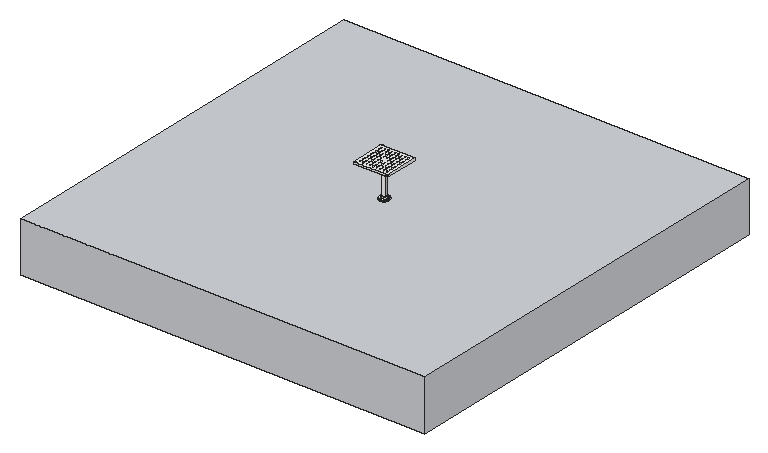
Revit family
Parameters (values of type "Metal-CP-Polished_Chrome")
  Width [instance] = 0' - 8"
  URL = "http://www.us.kohler.com"
  Showerhead Supply Pipe Radius = 0' 0 1/2"  # 1/2"
  Showerhead Supply Pipe Diameter = Showerhead Supply Pipe Radius * 2  # 1"
  Showerhead Supply = "Showerhead Supply"  # constant formula
  Product Page URL = "http://www.us.kohler.com/onlinecatalog/detail.jsp?prod_num=13695"
  Product Documentation Link = "http://www.us.kohler.com/onlinecatalog/pdf/1114436_4.pdf"
  Model = "K-13695"  # constant formula
  Manufacturer = "Kohler"  # constant formula
  Length [instance] = 0' - 8 5/16"
  Height [instance] = 0' - 8"
  Finish = Metal-Kohler-CP-Polished Chrome
  Description = "8in Contemporary square rainhead with Katalyst spray technology"  # constant formula
  Default Elevation = 0' - 0"
  Created By = "http://medialab3dstudio.com"
  Assembly Code = "C1030200"
Reference planes (in)
  plane 1 "Center (Front/Back)": y = 0
  plane 2 "Back": z = 0
  plane 3 "Center (Left/Right)": x = 0
  plane 4 "Left": x = -4
  plane 5 "Right": x = 4
  plane 6 "Top": y = 4
  plane 7 "Bottom": y = -4
  plane 8 "Front": z = 8.3125
Forms (in)
  Extrusion 1, solid
    sketch origin (0, 0, 0) x (1, 0, 0) y (0, 1, 0)
      loop
        line (-48, 48) -> (-48, -48) -> (48, -48) -> (48, 48) -> (-48, 48)
    from 0 to -12
  Extrusion 2, solid, material "Metal-Kohler-CP-Polished Chrome" <- "Finish", not visible
    sketch origin (0, 0, 0) x (1, 0, 0) y (0, 1, 0)
      loop
        circle (0, 0) r 0.5
    from 0 to 0.25922
Dimensions and locks (in)
  equal spacing: plane 4 "Left", plane 3 "Center (Left/Right)", plane 5 "Right", locked at 4 each
  "Width": plane 4 "Left" to plane 5 "Right"
  equal spacing: plane 6 "Top", plane 1 "Center (Front/Back)", plane 7 "Bottom", locked at 4 each
  "Height": plane 6 "Top" to plane 7 "Bottom"
  "Length": plane 8 "Front" to plane 2 "Back"
  "Showerhead Supply Pipe Radius": radius of Extrusion 2 sketch curve
  aligned and locked: plane 2 "Back" to Extrusion 1
  aligned and locked: level to Extrusion 1
Automatic sketch dimensions
  Extrusion 1 sketch curve to Extrusion 1 sketch curve = 8' - 0"  (x2)
  plane 1 "Center (Front/Back)" to Extrusion 2 sketch curve = 0' - 0"
  Extrusion 2 sketch curve to plane 3 "Center (Left/Right)" = 0' - 0"
Nested families (in)
  nested 1: "13695_Base" at (0, 0, 0), type "13695_Base"
Connectors (in)
  piping at (0, 0, 0), driven by "Showerhead Supply Pipe Radius", driven by "Showerhead Supply"
    settings: on Extrusion 2, index 1, connector radius 1/2", flow factor 0, pipe flow 2.5 GPM, pressure drop 0.00 psi, fitting loss kfactor 0, connector angle 0.00°, fixture units 0, flow configuration 0, flow direction 1, fitting loss method 0, system type 7, connector reference index -1, connector utility 0, adjustable connector yes, is connector primary yes, fitting loss table "", connector description "Showerhead Supply"
Definition of nested family "13695_Base"
  Parameters (values of type "13695_Base")
    Finish = Metal-Kohler-CP-Polished Chrome
    Assembly Code = ""
  Reference planes (in)
    plane 1 "Center (Top/Bottom)": y = 0
    plane 2 "Top": z = 0
    plane 3 "Center (Left/Right)": x = 0
    plane 4 "Left": x = -4
    plane 5 "Right": x = 4
    plane 6 "Front": y = 4
    plane 7 "Back": y = -4
    plane 8: y = 0
    plane 9 "Bottom": z = 8.306
    plane 10 "Center(Top/Bottom)": z = 4.153
  Forms (in)
    Revolve 1, solid, material "Metal-Kohler-CP-Polished Chrome" <- "Finish", detail levels fine
      sketch origin (0, 0, 5.50519) x (1, 0, 0) y (0, 0, 1)
        loop
          line (0, 0) -> (0, 2.27172) -> (-0.72114, 2.27172) -> (-0.72114, 1.68068) -> (-0.68962, 1.68068) -> (-0.68962, 1.20771) -> (-0.4459, 1.20771)
          arc (-0.4459, 1.20771) -> (-0.39583, 1.14106) -> (-0.33581, 1.08323) r 0.5226
          arc (-0.33581, 1.08323) -> (-0.31096, 1.01885) -> (-0.35341, 0.96445) r 0.06999
          arc (-0.35341, 0.96445) -> (-0.45666, 0.87969) -> (-0.49544, 0.75186) r 0.23011
          line (-0.49544, 0.75186) -> (-0.49544, 0.02386)
          arc (-0.49544, 0.02386) -> (-0.49099, 0.00726) -> (-0.47541, 0) r 0.02033
          line (-0.47541, 0) -> (0, 0)
        axis (0, 2.27172) -> (0, 0)
      angle from 0 to 360
    Sweep 2, solid, material "Metal-Kohler-CP-Polished Chrome" <- "Finish", detail levels fine
      path origin (0, 0, 0) x (1, 0, 0) y (0, 1, 0)
        loop
          line (-4, -4) -> (4, -4) -> (4, 4) -> (-4, 4) -> (-4, -4)
      profile origin (-4, 0, 0) x (-1, 0, 0) y (0, 0, 1)
        loop
          line (0, 7.77691) -> (0, 8.2199)
          arc (0, 8.2199) -> (-0.0088, 8.24113) -> (-0.03003, 8.24993) r 0.03003
          line (-0.03003, 8.24993) -> (-0.08103, 8.24993) -> (-0.08103, 7.77691) -> (0, 7.77691)
    Extrusion 3, solid, material "Metal-Kohler-CP-Polished Chrome" <- "Finish", detail levels fine
      sketch origin (0, 0, 0) x (1, 0, 0) y (0, 1, 0)
        loop
          line (-3.91897, 3.91897) -> (-3.91897, -3.91897) -> (3.91897, -3.91897) -> (3.91897, 3.91897) -> (-3.91897, 3.91897)
      from 7.77691 to 8.24993
    Extrusion 4, solid, material "Metal-Kohler-CP-Polished Chrome" <- "Finish", detail levels fine
      sketch origin (0, 0, 0) x (1, 0, 0) y (0, 1, 0)
        loop
          circle (-3.19997, 0) r 0.05856
        loop
          circle (-3.19997, -0.8) r 0.05856
        loop
          circle (-3.19997, -1.6) r 0.05856
        loop
          circle (-3.19997, -2.4) r 0.05856
        loop
          circle (-3.19997, -3.2) r 0.05856
        loop
          circle (-3.19997, 0.8) r 0.05856
        loop
          circle (-3.19997, 1.6) r 0.05856
        loop
          circle (-3.19997, 2.4) r 0.05856
        loop
          circle (-3.19997, 3.2) r 0.05856
        loop
          circle (-2.4, 0) r 0.05856
        loop
          circle (-2.4, -0.8) r 0.05856
        loop
          circle (-2.4, -1.6) r 0.05856
        loop
          circle (-2.4, -2.4) r 0.05856
        loop
          circle (-2.4, -3.2) r 0.05856
        loop
          circle (-2.4, 0.8) r 0.05856
        loop
          circle (-2.4, 1.6) r 0.05856
        loop
          circle (-2.4, 2.4) r 0.05856
        loop
          circle (-2.4, 3.2) r 0.05856
        loop
          circle (-1.6, 0) r 0.05856
        loop
          circle (-1.6, -0.8) r 0.05856
        loop
          circle (-1.6, -1.6) r 0.05856
        loop
          circle (-1.6, -2.4) r 0.05856
        loop
          circle (-1.6, -3.2) r 0.05856
        loop
          circle (-1.6, 0.8) r 0.05856
        loop
          circle (-1.6, 1.6) r 0.05856
        loop
          circle (-1.6, 2.4) r 0.05856
        loop
          circle (-1.6, 3.2) r 0.05856
        loop
          circle (-0.8, 0) r 0.05856
        loop
          circle (-0.8, -0.8) r 0.05856
        loop
          circle (-0.8, -1.6) r 0.05856
        loop
          circle (-0.8, -2.4) r 0.05856
        loop
          circle (-0.8, -3.2) r 0.05856
        loop
          circle (-0.8, 0.8) r 0.05856
        loop
          circle (-0.8, 1.6) r 0.05856
        loop
          circle (-0.8, 2.4) r 0.05856
        loop
          circle (-0.8, 3.2) r 0.05856
        loop
          circle (0, -0.8) r 0.05856
        loop
          circle (0, -1.6) r 0.05856
        loop
          circle (0, -2.4) r 0.05856
        loop
          circle (0, -3.2) r 0.05856
        loop
          circle (0, 0.8) r 0.05856
        loop
          circle (0, 1.6) r 0.05856
        loop
          circle (0, 2.4) r 0.05856
        loop
          circle (0, 3.2) r 0.05856
        loop
          circle (0.8, 0) r 0.05856
        loop
          circle (0.8, -0.8) r 0.05856
        loop
          circle (0.8, -1.6) r 0.05856
        loop
          circle (0.8, -2.4) r 0.05856
        loop
          circle (0.8, -3.2) r 0.05856
        loop
          circle (0.8, 0.8) r 0.05856
        loop
          circle (0.8, 1.6) r 0.05856
        loop
          circle (0.8, 2.4) r 0.05856
        loop
          circle (0.8, 3.2) r 0.05856
        loop
          circle (1.6, 0) r 0.05856
        loop
          circle (1.6, -0.8) r 0.05856
        loop
          circle (1.6, -1.6) r 0.05856
        loop
          circle (1.6, -2.4) r 0.05856
        loop
          circle (1.6, -3.2) r 0.05856
        loop
          circle (1.6, 0.8) r 0.05856
        loop
          circle (1.6, 1.6) r 0.05856
        loop
          circle (1.6, 2.4) r 0.05856
        loop
          circle (1.6, 3.2) r 0.05856
        loop
          circle (2.4, 0) r 0.05856
        loop
          circle (2.4, -0.8) r 0.05856
        loop
          circle (2.4, -1.6) r 0.05856
        loop
          circle (2.4, -2.4) r 0.05856
        loop
          circle (2.4, -3.2) r 0.05856
        loop
          circle (2.4, 0.8) r 0.05856
        loop
          circle (2.4, 1.6) r 0.05856
        loop
          circle (2.4, 2.4) r 0.05856
        loop
          circle (2.4, 3.2) r 0.05856
        loop
          circle (3.2, 0) r 0.05856
        loop
          circle (3.2, -0.8) r 0.05856
        loop
          circle (3.2, -1.6) r 0.05856
        loop
          circle (3.2, -2.4) r 0.05856
        loop
          circle (3.2, -3.2) r 0.05856
        loop
          circle (3.2, 0.8) r 0.05856
        loop
          circle (3.2, 1.6) r 0.05856
        loop
          circle (3.2, 2.4) r 0.05856
        loop
          circle (3.2, 3.2) r 0.05856
      from 8.16249 to 8.306
    Extrusion 5, solid, material "Metal-Kohler-CP-Polished Chrome" <- "Finish", detail levels coarse+medium
      sketch origin (0, 0, 2.75) x (-1, 0, 0) y (0, -1, 0)
        loop
          line (4, -4) -> (4, 4) -> (-4, 4) -> (-4, -4) -> (4, -4)
      from -2.75 to 5.556
    Revolve 6, solid, material "Metal-Kohler-CP-Polished Chrome" <- "Finish", detail levels fine
      sketch origin (0, 0, 0) x (1, 0, 0) y (0, 0, 1)
        loop
          line (-1.07002, 0) -> (0, 0) -> (0, 5.50517) -> (-0.40625, 5.50517) -> (-0.40625, 0.69061) -> (-0.5486, 0.69061)
          arc (-0.5486, 0.69061) -> (-0.5877, 0.67659) -> (-0.60898, 0.64092) r 0.06152
          line (-0.60898, 0.64092) -> (-0.61631, 0.34093)
          arc (-0.61631, 0.34093) -> (-0.63025, 0.31716) -> (-0.65074, 0.29873) r 0.09
          line (-0.65074, 0.29873) -> (-1.09561, 0.16376)
          arc (-1.09561, 0.16376) -> (-1.11148, 0.15227) -> (-1.11924, 0.13428) r 0.03694
          line (-1.11924, 0.13428) -> (-1.11683, 0.02813)
          arc (-1.11683, 0.02813) -> (-1.09805, 0.00636) -> (-1.07002, 0) r 0.04598
        axis (0, 5.50517) -> (0, 0)
      angle from 0 to 360
    Extrusion 7, void
      sketch origin (0, 0, 0) x (1, 0, 0) y (0, 1, 0)
        loop
          circle (0, 0) r 0.5
      from 0 to 0.16376
  Cuts and joins
    Extrusion 7 cuts Revolve 6
    joined: Sweep 2, Extrusion 3, Extrusion 4, Revolve 6
  Lines and regions (in)
    Masking region 1
      outline origin (0, 0, 4.153) x (-1, 0, 0) y (0, -1, 0)
        loop
          line (4, -4) -> (4, 4) -> (-4, 4) -> (-4, -4) -> (4, -4)
    Masking region 2, detail levels coarse
      outline origin (0, 0, 0) x (1, 0, 0) y (0, 0, 1)
        loop
          line (-4, 8.24982) -> (-4, 0) -> (4, 0) -> (4, 8.24982) -> (-4, 8.24982)
    Masking region 3, detail levels medium+fine
      outline origin (0, 0, 5.505) x (1, 0, 0) y (0, 0, 1)
        loop
          line (-3.99997, 2.27172) -> (-0.72114, 2.27172) -> (-0.72114, 1.68068) -> (-0.68962, 1.68068) -> (-0.68962, 1.20771) -> (-0.4459, 1.20771)
          arc (-0.4459, 1.20771) -> (-0.3957, 1.14126) -> (-0.33586, 1.08333) r 0.53922
          arc (-0.33586, 1.08333) -> (-0.31122, 1.01895) -> (-0.35357, 0.96455) r 0.07017
          arc (-0.35357, 0.96455) -> (-0.45665, 0.87963) -> (-0.49552, 0.75186) r 0.23106
          line (-0.49552, 0.75186) -> (-0.49552, 0.02386)
          arc (-0.49552, 0.02386) -> (-0.48986, 0.0083) -> (-0.47552, 0) r 0.02423
          line (-0.47552, 0) -> (-0.40625, 0) -> (-0.40625, -4.815) -> (-0.53998, -4.815)
          arc (-0.53998, -4.815) -> (-0.58443, -4.82556) -> (-0.60898, -4.86408) r 0.0608
          line (-0.60898, -4.86408) -> (-0.61631, -5.16407)
          arc (-0.61631, -5.16407) -> (-0.63034, -5.18776) -> (-0.65074, -5.20627) r 0.09237
          line (-0.65074, -5.20627) -> (-1.09561, -5.34124)
          arc (-1.09561, -5.34124) -> (-1.11198, -5.35232) -> (-1.11924, -5.37072) r 0.03343
          line (-1.11924, -5.37072) -> (-1.11683, -5.47687)
          arc (-1.11683, -5.47687) -> (-1.10045, -5.49756) -> (-1.07513, -5.505) r 0.04355
          line (-1.07513, -5.505) -> (1.07513, -5.505)
          arc (1.07513, -5.505) -> (1.10045, -5.49756) -> (1.11683, -5.47687) r 0.04355
          line (1.11683, -5.47687) -> (1.11924, -5.37072)
          arc (1.11924, -5.37072) -> (1.11198, -5.35232) -> (1.09561, -5.34124) r 0.03343
          line (1.09561, -5.34124) -> (0.65074, -5.20627)
          arc (0.65074, -5.20627) -> (0.63034, -5.18776) -> (0.61631, -5.16407) r 0.09237
          line (0.61631, -5.16407) -> (0.60898, -4.86408)
          arc (0.60898, -4.86408) -> (0.58443, -4.82556) -> (0.53998, -4.815) r 0.0608
          line (0.53998, -4.815) -> (0.40625, -4.815) -> (0.40625, 0) -> (0.47552, 0)
          arc (0.47552, 0) -> (0.48986, 0.0083) -> (0.49552, 0.02386) r 0.02423
          line (0.49552, 0.02386) -> (0.49552, 0.75186)
          arc (0.49552, 0.75186) -> (0.45665, 0.87963) -> (0.35357, 0.96455) r 0.23106
          arc (0.35357, 0.96455) -> (0.31122, 1.01895) -> (0.33586, 1.08333) r 0.07017
          arc (0.33586, 1.08333) -> (0.3957, 1.14126) -> (0.4459, 1.20771) r 0.53922
          line (0.4459, 1.20771) -> (0.68962, 1.20771) -> (0.68962, 1.68068) -> (0.72114, 1.68068) -> (0.72114, 2.27172) -> (4, 2.27172) -> (3.99997, 2.71477)
          arc (3.99997, 2.71477) -> (3.99117, 2.73602) -> (3.96992, 2.74482) r 0.03005
          line (3.96992, 2.74482) -> (-3.96986, 2.74482)
          arc (-3.96986, 2.74482) -> (-3.99115, 2.736) -> (-3.99997, 2.71471) r 0.03011
          line (-3.99997, 2.71471) -> (-3.99997, 2.27172)
    Masking region 4, detail levels medium+fine
      outline origin (0, 0, 5.5053) x (0, 1, 0) y (0, 0, 1)
        loop
          arc (0.47558, 0) -> (0.49052, 0.00776) -> (0.49557, 0.02383) r 0.02195
          line (0.49557, 0.02383) -> (0.49557, 0.75186)
          arc (0.49557, 0.75186) -> (0.45681, 0.87973) -> (0.35357, 0.96455) r 0.23029
          arc (0.35357, 0.96455) -> (0.31116, 1.01888) -> (0.33586, 1.08323) r 0.07001
          arc (0.33586, 1.08323) -> (0.3958, 1.14114) -> (0.44595, 1.20771) r 0.5314
          line (0.44595, 1.20771) -> (0.68962, 1.20771) -> (0.68962, 1.68068) -> (0.72066, 1.68068) -> (0.72066, 2.27172) -> (4, 2.27172) -> (4, 2.71471)
          arc (4, 2.71471) -> (3.99124, 2.73587) -> (3.97008, 2.74463) r 0.02992
          line (3.97008, 2.74463) -> (-3.97008, 2.74463)
          arc (-3.97008, 2.74463) -> (-3.99129, 2.73581) -> (-4, 2.71455) r 0.02992
          line (-4, 2.71455) -> (-4, 2.27172) -> (-0.7206, 2.27172) -> (-0.7206, 1.68068) -> (-0.68956, 1.68068) -> (-0.68956, 1.20771) -> (-0.4459, 1.20771)
          arc (-0.4459, 1.20771) -> (-0.39575, 1.14114) -> (-0.33581, 1.08323) r 0.5314
          arc (-0.33581, 1.08323) -> (-0.31111, 1.01888) -> (-0.35351, 0.96455) r 0.07001
          arc (-0.35351, 0.96455) -> (-0.45675, 0.87973) -> (-0.49552, 0.75186) r 0.23029
          line (-0.49552, 0.75186) -> (-0.49552, 0.02383)
          arc (-0.49552, 0.02383) -> (-0.49047, 0.00776) -> (-0.47552, 0) r 0.02195
          line (-0.47552, 0) -> (-0.40627, 0) -> (-0.40627, -4.8153) -> (-0.53998, -4.8153)
          arc (-0.53998, -4.8153) -> (-0.58438, -4.82592) -> (-0.60898, -4.86438) r 0.061
          line (-0.60898, -4.86438) -> (-0.61631, -5.16437)
          arc (-0.61631, -5.16437) -> (-0.62999, -5.18835) -> (-0.65074, -5.20657) r 0.0836
          line (-0.65074, -5.20657) -> (-1.09521, -5.34146)
          arc (-1.09521, -5.34146) -> (-1.11167, -5.35254) -> (-1.11908, -5.37094) r 0.03382
          line (-1.11908, -5.37094) -> (-1.11681, -5.47725)
          arc (-1.11681, -5.47725) -> (-1.09965, -5.49811) -> (-1.07362, -5.5053) r 0.04477
          line (-1.07362, -5.5053) -> (1.07362, -5.5053)
          arc (1.07362, -5.5053) -> (1.09965, -5.49811) -> (1.11681, -5.47725) r 0.04477
          line (1.11681, -5.47725) -> (1.11908, -5.37094)
          arc (1.11908, -5.37094) -> (1.11167, -5.35254) -> (1.09521, -5.34146) r 0.03382
          line (1.09521, -5.34146) -> (0.65074, -5.20657)
          arc (0.65074, -5.20657) -> (0.62999, -5.18835) -> (0.61631, -5.16437) r 0.0836
          line (0.61631, -5.16437) -> (0.60898, -4.86438)
          arc (0.60898, -4.86438) -> (0.58676, -4.8277) -> (0.54589, -4.8147) r 0.061
          line (0.54589, -4.8147) -> (0.40627, -4.8147) -> (0.40627, 0) -> (0.47558, 0)
    Masking region 5, detail levels coarse
      outline origin (0, 0, 0) x (0, 1, 0) y (0, 0, 1)
        loop
          line (4, 8.306) -> (-4, 8.306) -> (-4, 0) -> (4, 0) -> (4, 8.306)
    symbolic lines, style "Masking Lines", detail levels fine
      curve 1: arc (0.4459, 0, 0) -> (0, 0.4459, 0) -> (-0.4459, 0, 0) r 0.4459
      curve 2: arc (-0.4459, 0, 0) -> (0, -0.4459, 0) -> (0.4459, 0, 0) r 0.4459
      curve 3: arc (-3.25853, -3.2, 8.306) -> (-3.19997, -3.25856, 8.306) -> (-3.14142, -3.2, 8.306) r 0.05856
      curve 4: arc (-3.14142, -2.4, 8.306) -> (-3.19997, -2.45856, 8.306) -> (-3.25853, -2.4, 8.306) r 0.05856
      curve 5: arc (-3.25853, -2.4, 8.306) -> (-3.19997, -2.34144, 8.306) -> (-3.14142, -2.4, 8.306) r 0.05856
      curve 6: arc (-3.25853, -1.6, 8.306) -> (-3.19997, -1.65856, 8.306) -> (-3.14142, -1.6, 8.306) r 0.05856
      curve 7: arc (-3.14142, -1.6, 8.306) -> (-3.19997, -1.54144, 8.306) -> (-3.25853, -1.6, 8.306) r 0.05856
      curve 8: arc (-3.25853, -0.8, 8.306) -> (-3.19997, -0.85856, 8.306) -> (-3.14142, -0.8, 8.306) r 0.05856
      curve 9: arc (-3.14142, -0.8, 8.306) -> (-3.19997, -0.74144, 8.306) -> (-3.25853, -0.8, 8.306) r 0.05856
      curve 10: arc (-3.25853, 0, 8.306) -> (-3.19997, -0.05856, 8.306) -> (-3.14142, 0, 8.306) r 0.05856
      curve 11: arc (-3.14142, 0, 8.306) -> (-3.19997, 0.05856, 8.306) -> (-3.25853, 0, 8.306) r 0.05856
      curve 12: arc (-3.25853, 0.8, 8.306) -> (-3.19997, 0.74144, 8.306) -> (-3.14142, 0.8, 8.306) r 0.05856
      curve 13: arc (-3.14142, 0.8, 8.306) -> (-3.19997, 0.85856, 8.306) -> (-3.25853, 0.8, 8.306) r 0.05856
      curve 14: arc (-3.25853, 1.6, 8.306) -> (-3.19997, 1.54144, 8.306) -> (-3.14142, 1.6, 8.306) r 0.05856
      curve 15: arc (-3.14142, 1.6, 8.306) -> (-3.19997, 1.65856, 8.306) -> (-3.25853, 1.6, 8.306) r 0.05856
      curve 16: arc (-3.25853, 2.4, 8.306) -> (-3.19997, 2.34144, 8.306) -> (-3.14142, 2.4, 8.306) r 0.05856
      curve 17: arc (-3.14142, 2.4, 8.306) -> (-3.19997, 2.45856, 8.306) -> (-3.25853, 2.4, 8.306) r 0.05856
      curve 18: arc (-3.25853, 3.2, 8.306) -> (-3.19997, 3.14144, 8.306) -> (-3.14142, 3.2, 8.306) r 0.05856
      curve 19: arc (-3.14142, 3.2, 8.306) -> (-3.19997, 3.25856, 8.306) -> (-3.25853, 3.2, 8.306) r 0.05856
      curve 20: arc (-2.45856, -3.2, 8.306) -> (-2.4, -3.25856, 8.306) -> (-2.34144, -3.2, 8.306) r 0.05856
      curve 21: arc (-2.34144, -2.4, 8.306) -> (-2.4, -2.45856, 8.306) -> (-2.45856, -2.4, 8.306) r 0.05856
      curve 22: arc (-2.45856, -2.4, 8.306) -> (-2.4, -2.34144, 8.306) -> (-2.34144, -2.4, 8.306) r 0.05856
      curve 23: arc (-2.45856, -1.6, 8.306) -> (-2.4, -1.65856, 8.306) -> (-2.34144, -1.6, 8.306) r 0.05856
      curve 24: arc (-2.34144, -1.6, 8.306) -> (-2.4, -1.54144, 8.306) -> (-2.45856, -1.6, 8.306) r 0.05856
      curve 25: arc (-2.45856, -0.8, 8.306) -> (-2.4, -0.85856, 8.306) -> (-2.34144, -0.8, 8.306) r 0.05856
      curve 26: arc (-2.34144, -0.8, 8.306) -> (-2.4, -0.74144, 8.306) -> (-2.45856, -0.8, 8.306) r 0.05856
      curve 27: arc (-2.45856, 0, 8.306) -> (-2.4, -0.05856, 8.306) -> (-2.34144, 0, 8.306) r 0.05856
      curve 28: arc (-2.34144, 0, 8.306) -> (-2.4, 0.05856, 8.306) -> (-2.45856, 0, 8.306) r 0.05856
      curve 29: arc (-2.45856, 0.8, 8.306) -> (-2.4, 0.74144, 8.306) -> (-2.34144, 0.8, 8.306) r 0.05856
      curve 30: arc (-2.34144, 0.8, 8.306) -> (-2.4, 0.85856, 8.306) -> (-2.45856, 0.8, 8.306) r 0.05856
      curve 31: arc (-2.45856, 1.6, 8.306) -> (-2.4, 1.54144, 8.306) -> (-2.34144, 1.6, 8.306) r 0.05856
      curve 32: arc (-2.34144, 1.6, 8.306) -> (-2.4, 1.65856, 8.306) -> (-2.45856, 1.6, 8.306) r 0.05856
      curve 33: arc (-2.45856, 2.4, 8.306) -> (-2.4, 2.34144, 8.306) -> (-2.34144, 2.4, 8.306) r 0.05856
      curve 34: arc (-2.34144, 2.4, 8.306) -> (-2.4, 2.45856, 8.306) -> (-2.45856, 2.4, 8.306) r 0.05856
      curve 35: arc (-2.45856, 3.2, 8.306) -> (-2.4, 3.14144, 8.306) -> (-2.34144, 3.2, 8.306) r 0.05856
      curve 36: arc (-2.34144, 3.2, 8.306) -> (-2.4, 3.25856, 8.306) -> (-2.45856, 3.2, 8.306) r 0.05856
      curve 37: arc (-1.65856, -3.2, 8.306) -> (-1.6, -3.25856, 8.306) -> (-1.54144, -3.2, 8.306) r 0.05856
      curve 38: arc (-1.54144, -2.4, 8.306) -> (-1.6, -2.45856, 8.306) -> (-1.65856, -2.4, 8.306) r 0.05856
      curve 39: arc (-1.65856, -2.4, 8.306) -> (-1.6, -2.34144, 8.306) -> (-1.54144, -2.4, 8.306) r 0.05856
      curve 40: arc (-1.65856, -1.6, 8.306) -> (-1.6, -1.65856, 8.306) -> (-1.54144, -1.6, 8.306) r 0.05856
      curve 41: arc (-1.54144, -1.6, 8.306) -> (-1.6, -1.54144, 8.306) -> (-1.65856, -1.6, 8.306) r 0.05856
      curve 42: arc (-1.65856, -0.8, 8.306) -> (-1.6, -0.85856, 8.306) -> (-1.54144, -0.8, 8.306) r 0.05856
      curve 43: arc (-1.54144, -0.8, 8.306) -> (-1.6, -0.74144, 8.306) -> (-1.65856, -0.8, 8.306) r 0.05856
      curve 44: arc (-1.65856, 0, 8.306) -> (-1.6, -0.05856, 8.306) -> (-1.54144, 0, 8.306) r 0.05856
      curve 45: arc (-1.54144, 0, 8.306) -> (-1.6, 0.05856, 8.306) -> (-1.65856, 0, 8.306) r 0.05856
      curve 46: arc (-1.65856, 0.8, 8.306) -> (-1.6, 0.74144, 8.306) -> (-1.54144, 0.8, 8.306) r 0.05856
      curve 47: arc (-1.54144, 0.8, 8.306) -> (-1.6, 0.85856, 8.306) -> (-1.65856, 0.8, 8.306) r 0.05856
      curve 48: arc (-1.65856, 1.6, 8.306) -> (-1.6, 1.54144, 8.306) -> (-1.54144, 1.6, 8.306) r 0.05856
      curve 49: arc (-1.54144, 1.6, 8.306) -> (-1.6, 1.65856, 8.306) -> (-1.65856, 1.6, 8.306) r 0.05856
      curve 50: arc (-1.65856, 2.4, 8.306) -> (-1.6, 2.34144, 8.306) -> (-1.54144, 2.4, 8.306) r 0.05856
      curve 51: arc (-1.54144, 2.4, 8.306) -> (-1.6, 2.45856, 8.306) -> (-1.65856, 2.4, 8.306) r 0.05856
      curve 52: arc (-1.65856, 3.2, 8.306) -> (-1.6, 3.14144, 8.306) -> (-1.54144, 3.2, 8.306) r 0.05856
      curve 53: arc (-1.54144, 3.2, 8.306) -> (-1.6, 3.25856, 8.306) -> (-1.65856, 3.2, 8.306) r 0.05856
      curve 54: arc (-0.85856, -3.2, 8.306) -> (-0.8, -3.25856, 8.306) -> (-0.74144, -3.2, 8.306) r 0.05856
      curve 55: arc (-0.74144, -2.4, 8.306) -> (-0.8, -2.45856, 8.306) -> (-0.85856, -2.4, 8.306) r 0.05856
      curve 56: arc (-0.85856, -2.4, 8.306) -> (-0.8, -2.34144, 8.306) -> (-0.74144, -2.4, 8.306) r 0.05856
      curve 57: arc (-0.85856, -1.6, 8.306) -> (-0.8, -1.65856, 8.306) -> (-0.74144, -1.6, 8.306) r 0.05856
      curve 58: arc (-0.74144, -1.6, 8.306) -> (-0.8, -1.54144, 8.306) -> (-0.85856, -1.6, 8.306) r 0.05856
      curve 59: arc (-0.85856, -0.8, 8.306) -> (-0.8, -0.85856, 8.306) -> (-0.74144, -0.8, 8.306) r 0.05856
      curve 60: arc (-0.74144, -0.8, 8.306) -> (-0.8, -0.74144, 8.306) -> (-0.85856, -0.8, 8.306) r 0.05856
      curve 61: arc (-0.85856, 0, 8.306) -> (-0.8, -0.05856, 8.306) -> (-0.74144, 0, 8.306) r 0.05856
      curve 62: arc (-0.74144, 0, 8.306) -> (-0.8, 0.05856, 8.306) -> (-0.85856, 0, 8.306) r 0.05856
      curve 63: arc (-0.85856, 0.8, 8.306) -> (-0.8, 0.74144, 8.306) -> (-0.74144, 0.8, 8.306) r 0.05856
      curve 64: arc (-0.74144, 0.8, 8.306) -> (-0.8, 0.85856, 8.306) -> (-0.85856, 0.8, 8.306) r 0.05856
      curve 65: arc (-0.85856, 1.6, 8.306) -> (-0.8, 1.54144, 8.306) -> (-0.74144, 1.6, 8.306) r 0.05856
      curve 66: arc (-0.74144, 1.6, 8.306) -> (-0.8, 1.65856, 8.306) -> (-0.85856, 1.6, 8.306) r 0.05856
      curve 67: arc (-0.85856, 2.4, 8.306) -> (-0.8, 2.34144, 8.306) -> (-0.74144, 2.4, 8.306) r 0.05856
      curve 68: arc (-0.74144, 2.4, 8.306) -> (-0.8, 2.45856, 8.306) -> (-0.85856, 2.4, 8.306) r 0.05856
      curve 69: arc (-0.85856, 3.2, 8.306) -> (-0.8, 3.14144, 8.306) -> (-0.74144, 3.2, 8.306) r 0.05856
      curve 70: arc (-0.74144, 3.2, 8.306) -> (-0.8, 3.25856, 8.306) -> (-0.85856, 3.2, 8.306) r 0.05856
      curve 71: arc (-0.05856, -3.2, 8.306) -> (0, -3.25856, 8.306) -> (0.05856, -3.2, 8.306) r 0.05856
      curve 72: arc (0.05856, -2.4, 8.306) -> (0, -2.45856, 8.306) -> (-0.05856, -2.4, 8.306) r 0.05856
      curve 73: arc (-0.05856, -2.4, 8.306) -> (0, -2.34144, 8.306) -> (0.05856, -2.4, 8.306) r 0.05856
      curve 74: arc (-0.05856, -1.6, 8.306) -> (0, -1.65856, 8.306) -> (0.05856, -1.6, 8.306) r 0.05856
      curve 75: arc (0.05856, -1.6, 8.306) -> (0, -1.54144, 8.306) -> (-0.05856, -1.6, 8.306) r 0.05856
      curve 76: arc (-0.05856, -0.8, 8.306) -> (0, -0.85856, 8.306) -> (0.05856, -0.8, 8.306) r 0.05856
      curve 77: arc (0.05856, -0.8, 8.306) -> (0, -0.74144, 8.306) -> (-0.05856, -0.8, 8.306) r 0.05856
      curve 78: arc (-0.05856, 0.8, 8.306) -> (0, 0.74144, 8.306) -> (0.05856, 0.8, 8.306) r 0.05856
      curve 79: arc (0.05856, 0.8, 8.306) -> (0, 0.85856, 8.306) -> (-0.05856, 0.8, 8.306) r 0.05856
      curve 80: arc (-0.05856, 1.6, 8.306) -> (0, 1.54144, 8.306) -> (0.05856, 1.6, 8.306) r 0.05856
      curve 81: arc (0.05856, 1.6, 8.306) -> (0, 1.65856, 8.306) -> (-0.05856, 1.6, 8.306) r 0.05856
      curve 82: arc (-0.05856, 2.4, 8.306) -> (0, 2.34144, 8.306) -> (0.05856, 2.4, 8.306) r 0.05856
      curve 83: arc (0.05856, 2.4, 8.306) -> (0, 2.45856, 8.306) -> (-0.05856, 2.4, 8.306) r 0.05856
      curve 84: arc (-0.05856, 3.2, 8.306) -> (0, 3.14144, 8.306) -> (0.05856, 3.2, 8.306) r 0.05856
      curve 85: arc (0.05856, 3.2, 8.306) -> (0, 3.25856, 8.306) -> (-0.05856, 3.2, 8.306) r 0.05856
      curve 86: arc (0.74144, -3.2, 8.306) -> (0.8, -3.25856, 8.306) -> (0.85856, -3.2, 8.306) r 0.05856
      curve 87: arc (0.85856, -2.4, 8.306) -> (0.8, -2.45856, 8.306) -> (0.74144, -2.4, 8.306) r 0.05856
      curve 88: arc (0.74144, -2.4, 8.306) -> (0.8, -2.34144, 8.306) -> (0.85856, -2.4, 8.306) r 0.05856
      curve 89: arc (0.74144, -1.6, 8.306) -> (0.8, -1.65856, 8.306) -> (0.85856, -1.6, 8.306) r 0.05856
      curve 90: arc (0.85856, -1.6, 8.306) -> (0.8, -1.54144, 8.306) -> (0.74144, -1.6, 8.306) r 0.05856
      curve 91: arc (0.74144, -0.8, 8.306) -> (0.8, -0.85856, 8.306) -> (0.85856, -0.8, 8.306) r 0.05856
      curve 92: arc (0.85856, -0.8, 8.306) -> (0.8, -0.74144, 8.306) -> (0.74144, -0.8, 8.306) r 0.05856
      curve 93: arc (0.74144, 0, 8.306) -> (0.8, -0.05856, 8.306) -> (0.85856, 0, 8.306) r 0.05856
      curve 94: arc (0.85856, 0, 8.306) -> (0.8, 0.05856, 8.306) -> (0.74144, 0, 8.306) r 0.05856
      curve 95: arc (0.74144, 0.8, 8.306) -> (0.8, 0.74144, 8.306) -> (0.85856, 0.8, 8.306) r 0.05856
      curve 96: arc (0.85856, 0.8, 8.306) -> (0.8, 0.85856, 8.306) -> (0.74144, 0.8, 8.306) r 0.05856
      curve 97: arc (0.74144, 1.6, 8.306) -> (0.8, 1.54144, 8.306) -> (0.85856, 1.6, 8.306) r 0.05856
      curve 98: arc (0.85856, 1.6, 8.306) -> (0.8, 1.65856, 8.306) -> (0.74144, 1.6, 8.306) r 0.05856
      curve 99: arc (0.74144, 2.4, 8.306) -> (0.8, 2.34144, 8.306) -> (0.85856, 2.4, 8.306) r 0.05856
      curve 100: arc (0.85856, 2.4, 8.306) -> (0.8, 2.45856, 8.306) -> (0.74144, 2.4, 8.306) r 0.05856
      curve 101: arc (0.74144, 3.2, 8.306) -> (0.8, 3.14144, 8.306) -> (0.85856, 3.2, 8.306) r 0.05856
      curve 102: arc (0.85856, 3.2, 8.306) -> (0.8, 3.25856, 8.306) -> (0.74144, 3.2, 8.306) r 0.05856
      curve 103: arc (1.54144, -3.2, 8.306) -> (1.6, -3.25856, 8.306) -> (1.65856, -3.2, 8.306) r 0.05856
      curve 104: arc (1.65856, -2.4, 8.306) -> (1.6, -2.45856, 8.306) -> (1.54144, -2.4, 8.306) r 0.05856
      curve 105: arc (1.54144, -2.4, 8.306) -> (1.6, -2.34144, 8.306) -> (1.65856, -2.4, 8.306) r 0.05856
      curve 106: arc (1.54144, -1.6, 8.306) -> (1.6, -1.65856, 8.306) -> (1.65856, -1.6, 8.306) r 0.05856
      curve 107: arc (1.65856, -1.6, 8.306) -> (1.6, -1.54144, 8.306) -> (1.54144, -1.6, 8.306) r 0.05856
      curve 108: arc (1.54144, -0.8, 8.306) -> (1.6, -0.85856, 8.306) -> (1.65856, -0.8, 8.306) r 0.05856
      curve 109: arc (1.65856, -0.8, 8.306) -> (1.6, -0.74144, 8.306) -> (1.54144, -0.8, 8.306) r 0.05856
      curve 110: arc (1.54144, 0, 8.306) -> (1.6, -0.05856, 8.306) -> (1.65856, 0, 8.306) r 0.05856
      curve 111: arc (1.65856, 0, 8.306) -> (1.6, 0.05856, 8.306) -> (1.54144, 0, 8.306) r 0.05856
      curve 112: arc (1.54144, 0.8, 8.306) -> (1.6, 0.74144, 8.306) -> (1.65856, 0.8, 8.306) r 0.05856
      curve 113: arc (1.65856, 0.8, 8.306) -> (1.6, 0.85856, 8.306) -> (1.54144, 0.8, 8.306) r 0.05856
      curve 114: arc (1.54144, 1.6, 8.306) -> (1.6, 1.54144, 8.306) -> (1.65856, 1.6, 8.306) r 0.05856
      curve 115: arc (1.65856, 1.6, 8.306) -> (1.6, 1.65856, 8.306) -> (1.54144, 1.6, 8.306) r 0.05856
      curve 116: arc (1.54144, 2.4, 8.306) -> (1.6, 2.34144, 8.306) -> (1.65856, 2.4, 8.306) r 0.05856
      curve 117: arc (1.65856, 2.4, 8.306) -> (1.6, 2.45856, 8.306) -> (1.54144, 2.4, 8.306) r 0.05856
      curve 118: arc (1.54144, 3.2, 8.306) -> (1.6, 3.14144, 8.306) -> (1.65856, 3.2, 8.306) r 0.05856
      curve 119: arc (1.65856, 3.2, 8.306) -> (1.6, 3.25856, 8.306) -> (1.54144, 3.2, 8.306) r 0.05856
      curve 120: arc (2.34144, -3.2, 8.306) -> (2.4, -3.25856, 8.306) -> (2.45856, -3.2, 8.306) r 0.05856
      curve 121: arc (2.45856, -2.4, 8.306) -> (2.4, -2.45856, 8.306) -> (2.34144, -2.4, 8.306) r 0.05856
      curve 122: arc (2.34144, -2.4, 8.306) -> (2.4, -2.34144, 8.306) -> (2.45856, -2.4, 8.306) r 0.05856
      curve 123: arc (2.34144, -1.6, 8.306) -> (2.4, -1.65856, 8.306) -> (2.45856, -1.6, 8.306) r 0.05856
      curve 124: arc (2.45856, -1.6, 8.306) -> (2.4, -1.54144, 8.306) -> (2.34144, -1.6, 8.306) r 0.05856
      curve 125: arc (2.34144, -0.8, 8.306) -> (2.4, -0.85856, 8.306) -> (2.45856, -0.8, 8.306) r 0.05856
      curve 126: arc (2.45856, -0.8, 8.306) -> (2.4, -0.74144, 8.306) -> (2.34144, -0.8, 8.306) r 0.05856
      curve 127: arc (2.34144, 0, 8.306) -> (2.4, -0.05856, 8.306) -> (2.45856, 0, 8.306) r 0.05856
      curve 128: arc (2.45856, 0, 8.306) -> (2.4, 0.05856, 8.306) -> (2.34144, 0, 8.306) r 0.05856
      curve 129: arc (2.34144, 0.8, 8.306) -> (2.4, 0.74144, 8.306) -> (2.45856, 0.8, 8.306) r 0.05856
      curve 130: arc (2.45856, 0.8, 8.306) -> (2.4, 0.85856, 8.306) -> (2.34144, 0.8, 8.306) r 0.05856
      curve 131: arc (2.34144, 1.6, 8.306) -> (2.4, 1.54144, 8.306) -> (2.45856, 1.6, 8.306) r 0.05856
      curve 132: arc (2.45856, 1.6, 8.306) -> (2.4, 1.65856, 8.306) -> (2.34144, 1.6, 8.306) r 0.05856
      curve 133: arc (2.34144, 2.4, 8.306) -> (2.4, 2.34144, 8.306) -> (2.45856, 2.4, 8.306) r 0.05856
      curve 134: arc (2.45856, 2.4, 8.306) -> (2.4, 2.45856, 8.306) -> (2.34144, 2.4, 8.306) r 0.05856
      curve 135: arc (2.34144, 3.2, 8.306) -> (2.4, 3.14144, 8.306) -> (2.45856, 3.2, 8.306) r 0.05856
      curve 136: arc (2.45856, 3.2, 8.306) -> (2.4, 3.25856, 8.306) -> (2.34144, 3.2, 8.306) r 0.05856
      curve 137: arc (3.14144, -3.2, 8.306) -> (3.2, -3.25856, 8.306) -> (3.25856, -3.2, 8.306) r 0.05856
      curve 138: arc (3.25856, -2.4, 8.306) -> (3.2, -2.45856, 8.306) -> (3.14144, -2.4, 8.306) r 0.05856
      curve 139: arc (3.14144, -2.4, 8.306) -> (3.2, -2.34144, 8.306) -> (3.25856, -2.4, 8.306) r 0.05856
      curve 140: arc (3.14144, -1.6, 8.306) -> (3.2, -1.65856, 8.306) -> (3.25856, -1.6, 8.306) r 0.05856
      curve 141: arc (3.25856, -1.6, 8.306) -> (3.2, -1.54144, 8.306) -> (3.14144, -1.6, 8.306) r 0.05856
      curve 142: arc (3.14144, -0.8, 8.306) -> (3.2, -0.85856, 8.306) -> (3.25856, -0.8, 8.306) r 0.05856
      curve 143: arc (3.25856, -0.8, 8.306) -> (3.2, -0.74144, 8.306) -> (3.14144, -0.8, 8.306) r 0.05856
      curve 144: arc (3.14144, 0, 8.306) -> (3.2, -0.05856, 8.306) -> (3.25856, 0, 8.306) r 0.05856
      curve 145: arc (3.25856, 0, 8.306) -> (3.2, 0.05856, 8.306) -> (3.14144, 0, 8.306) r 0.05856
      curve 146: arc (3.14144, 0.8, 8.306) -> (3.2, 0.74144, 8.306) -> (3.25856, 0.8, 8.306) r 0.05856
      curve 147: arc (3.25856, 0.8, 8.306) -> (3.2, 0.85856, 8.306) -> (3.14144, 0.8, 8.306) r 0.05856
      curve 148: arc (3.14144, 1.6, 8.306) -> (3.2, 1.54144, 8.306) -> (3.25856, 1.6, 8.306) r 0.05856
      curve 149: arc (3.25856, 1.6, 8.306) -> (3.2, 1.65856, 8.306) -> (3.14144, 1.6, 8.306) r 0.05856
      curve 150: arc (3.14144, 2.4, 8.306) -> (3.2, 2.34144, 8.306) -> (3.25856, 2.4, 8.306) r 0.05856
      curve 151: arc (3.25856, 2.4, 8.306) -> (3.2, 2.45856, 8.306) -> (3.14144, 2.4, 8.306) r 0.05856
      curve 152: arc (3.14144, 3.2, 8.306) -> (3.2, 3.14144, 8.306) -> (3.25856, 3.2, 8.306) r 0.05856
      curve 153: arc (3.25856, 3.2, 8.306) -> (3.2, 3.25856, 8.306) -> (3.14144, 3.2, 8.306) r 0.05856
      curve 154: line (-0.72114, 0, 7.77691) -> (0.72114, 0, 7.77691)
      curve 155: line (-0.68962, 0, 7.18587) -> (0.68962, 0, 7.18587)
      curve 156: line (-0.4459, 0, 6.7129) -> (0.4459, 0, 6.7129)
      curve 157: line (-0.33581, 0, 6.58852) -> (0.33586, 0, 6.58852)
      curve 158: line (-0.35351, 0, 6.46974) -> (0.35357, 0, 6.46974)
      curve 159: line (-0.49544, 0, 6.25686) -> (-0.19308, 0, 6.25686)
      curve 160: line (0.19308, 0, 6.25686) -> (0.49552, 0, 6.25686)
      curve 161: line (-0.19711, 0, 6.25686) -> (-0.19711, 0, 5.67927)
      curve 162: line (-0.19308, 0, 6.25686) -> (-0.19308, 0, 5.67927)
      curve 163: line (0.19308, 0, 5.67222) -> (0.19308, 0, 6.25686)
      curve 164: line (0.19711, 0, 5.67927) -> (0.19711, 0, 6.25686)
      curve 165: spline (-0.19711, 0, 6.25686) -> (-0.1904, 0, 6.29116) -> (-0.17071, 0, 6.32312) -> (-0.13938, 0, 6.35057) -> (-0.09856, 0, 6.37163) -> (-0.05102, 0, 6.38487) -> (0, 0, 6.38939) -> (0.05102, 0, 6.38487) -> (0.09856, 0, 6.37163) -> (0.13938, 0, 6.35057) -> (0.17071, 0, 6.32312) -> (0.1904, 0, 6.29116) -> (0.19711, 0, 6.25686)
      curve 166: spline (-0.19308, 0, 6.25686) -> (-0.1865, 0, 6.28971) -> (-0.16721, 0, 6.32032) -> (-0.13653, 0, 6.3466) -> (-0.09654, 0, 6.36677) -> (-0.04997, 0, 6.37945) -> (0, 0, 6.38377) -> (0.04997, 0, 6.37945) -> (0.09654, 0, 6.36677) -> (0.13653, 0, 6.3466) -> (0.16721, 0, 6.32032) -> (0.1865, 0, 6.28971) -> (0.19308, 0, 6.25686)
      curve 167: line (0.19711, 0, 5.67927) -> (-0.19711, 0, 5.67927)
      curve 168: line (-0.17674, 0, 5.67222) -> (0.19308, 0, 5.67222)
      curve 169: arc (-0.19308, 0, 5.67927) -> (0, 0, 5.63745) -> (0.19308, 0, 5.67927) r 0.46667
      curve 170: arc (-0.19711, 0, 5.67927) -> (-0.18641, 0, 5.66728) -> (-0.17171, 0, 5.66081) r 0.03789
      curve 171: arc (0.19711, 0, 5.67927) -> (0.18641, 0, 5.66728) -> (0.17171, 0, 5.66081) r 0.03789
      curve 172: arc (-0.17171, 0, 5.66081) -> (0, 0, 5.62982) -> (0.17171, 0, 5.66081) r 0.49124
      curve 173: line (0.49544, 0, 5.52905) -> (-0.49544, 0, 5.52905)
      curve 174: line (0, 0.72066, 7.77691) -> (0, -0.7206, 7.77691)
      curve 175: line (0, 0.44595, 6.7129) -> (0, -0.4459, 6.7129)
      curve 176: line (0, 0.33586, 6.58842) -> (0, -0.33581, 6.58842)
      curve 177: line (0, 0.35357, 6.46974) -> (0, -0.35351, 6.46974)
      curve 178: line (0, 0.49557, 6.25705) -> (0, -0.49552, 6.25705)
      curve 179: line (0, 0.49557, 5.52902) -> (0, -0.49552, 5.52902)
      curve 180: line (-0.40625, 0, 5.505) -> (0.40625, 0, 5.505)
      curve 181: line (-0.60898, 0, 0.64092) -> (0.60898, 0, 0.64092)
      curve 182: line (0.61631, 0, 0.34093) -> (-0.61631, 0, 0.34093)
      curve 183: line (0.65074, 0, 0.29873) -> (-0.65074, 0, 0.29873)
      curve 184: line (1.09561, 0, 0.16376) -> (-1.09561, 0, 0.16376)
      curve 185: line (1.11924, 0, 0.13428) -> (-1.11924, 0, 0.13428)
      curve 186: line (1.11683, 0, 0.02813) -> (-1.11683, 0, 0.02813)
      curve 187: line (0, 0.40627, 5.5053) -> (0, -0.40627, 5.5053)
      curve 188: line (0, 0.60898, 0.64092) -> (0, -0.60898, 0.64092)
      curve 189: line (0, 0.61631, 0.34093) -> (0, -0.61631, 0.34093)
      curve 190: line (0, 0.65074, 0.29873) -> (0, -0.65074, 0.29873)
      curve 191: line (0, -1.09521, 0.16384) -> (0, 1.09521, 0.16384)
      curve 192: line (0, 1.11908, 0.13436) -> (0, -1.11908, 0.13436)
      curve 193: line (0, -1.11681, 0.02805) -> (0, 1.11681, 0.02805)
      curve 194: line (0, 0.68962, 7.18587) -> (0, -0.68962, 7.18587)
      curve 195: line (-0.40625, 0, 0.69061) -> (0.40625, 0, 0.69061)
      curve 196: line (0, 0.40627, 0.69059) -> (0, -0.40692, 0.69059)
      curve 197: arc (-3.14142, -3.2, 8.306) -> (-3.19997, -3.14144, 8.306) -> (-3.25853, -3.2, 8.306) r 0.05856
      curve 198: arc (-2.34144, -3.2, 8.306) -> (-2.4, -3.14144, 8.306) -> (-2.45856, -3.2, 8.306) r 0.05856
      curve 199: arc (-1.54144, -3.2, 8.306) -> (-1.6, -3.14144, 8.306) -> (-1.65856, -3.2, 8.306) r 0.05856
      curve 200: arc (-0.74144, -3.2, 8.306) -> (-0.8, -3.14144, 8.306) -> (-0.85856, -3.2, 8.306) r 0.05856
      curve 201: arc (0.05856, -3.2, 8.306) -> (0, -3.14144, 8.306) -> (-0.05856, -3.2, 8.306) r 0.05856
      curve 202: arc (0.85856, -3.2, 8.306) -> (0.8, -3.14144, 8.306) -> (0.74144, -3.2, 8.306) r 0.05856
      curve 203: arc (1.65856, -3.2, 8.306) -> (1.6, -3.14144, 8.306) -> (1.54144, -3.2, 8.306) r 0.05856
      curve 204: arc (2.45856, -3.2, 8.306) -> (2.4, -3.14144, 8.306) -> (2.34144, -3.2, 8.306) r 0.05856
      curve 205: arc (3.25856, -3.2, 8.306) -> (3.2, -3.14144, 8.306) -> (3.14144, -3.2, 8.306) r 0.05856
    symbolic lines, style "Masking Lines", detail levels medium+fine
      curve 206: arc (1.11924, 0, 0) -> (0, 1.11924, 0) -> (-1.11924, 0, 0) r 1.11924
      curve 207: arc (-1.11924, 0, 0) -> (0, -1.11924, 0) -> (1.11924, 0, 0) r 1.11924
  Dimensions and locks (in)
    equal spacing: plane 4 "Left", plane 3 "Center (Left/Right)", plane 5 "Right"
    equal spacing: plane 6 "Front", plane 1 "Center (Top/Bottom)", plane 7 "Back"
    plane 4 "Left" to plane 5 "Right" = 0' - 8"
    plane 6 "Front" to plane 7 "Back" = 0' - 8"
    aligned and locked: plane 2 "Top" to level
  Automatic sketch dimensions
    level to Revolve 1 sketch curve = 0' - 5.50519"  (x2)
    Revolve 1 sketch curve to plane 3 "Center (Left/Right)" = 0' - 0"  (x2)
    Revolve 1 sketch curve to plane 3 "Center (Left/Right)" = 0' - 0.00436"
    Revolve 1 sketch curve to plane 3 "Center (Left/Right)" = 0' - 0.26532"
    Revolve 1 sketch curve to plane 3 "Center (Left/Right)" = 0' - 0.33581"
    Revolve 1 sketch curve to Revolve 1 sketch curve = 0' - 0"  (x3)
    Revolve 1 sketch curve to Revolve 1 sketch curve = 0' - 0.0176"
    Revolve 1 sketch curve to Revolve 1 sketch curve = 0' - 0.02679"
    Revolve 1 sketch curve to Revolve 1 sketch curve = 0' - 0.11009"
    Revolve 1 sketch curve to Revolve 1 sketch curve = 0' - 0.23011"
    Revolve 1 sketch curve to Revolve 1 sketch curve = 0' - 0.02033"
    Revolve 1 sketch curve to Revolve 1 sketch curve = 0' - 0.728"
    Revolve 1 sketch curve to Revolve 1 sketch curve = 0' - 0.47297"
    Sweep 2 sketch curve to plane 4 "Left" = 0' - 0"
    Sweep 2 sketch curve to plane 5 "Right" = 0' - 0"
    Sweep 2 sketch curve to plane 7 "Back" = 0' - 0"
    Sweep 2 sketch curve to plane 6 "Front" = 0' - 0"
    Sweep 2 sketch curve to profile plane = 0' - 0"
    Sweep 2 sketch curve to Sweep 2 sketch curve = 0' - 0.03003"
    Sweep 2 sketch curve to Sweep 2 sketch curve = 0' - 0.08103"
    level to Sweep 2 sketch curve = 0' - 7.77691"
    Sweep 2 sketch curve to Sweep 2 sketch curve = 0' - 0.44299"
    plane 4 "Left" to Extrusion 3 sketch curve = 0' - 0.08103"
    plane 5 "Right" to Extrusion 3 sketch curve = 0' - 0.08103"
    plane 7 "Back" to Extrusion 3 sketch curve = 0' - 0.08103"
    Extrusion 3 sketch curve to plane 6 "Front" = 0' - 0.08103"
    plane 1 "Center (Top/Bottom)" to Extrusion 4 sketch curve = 0' - 0"  (x8)
    Extrusion 4 sketch curve to plane 3 "Center (Left/Right)" = 0' - 0"  (x8)
    plane 1 "Center (Top/Bottom)" to Extrusion 4 sketch curve = 0' - 0.8"  (x3)
    Extrusion 4 sketch curve to Extrusion 4 sketch curve = 0' - 0"  (x48)
    Extrusion 4 sketch curve to Extrusion 4 sketch curve = 0' - 0.8"  (x63)
    Extrusion 4 sketch curve to plane 1 "Center (Top/Bottom)" = 0' - 0.8"
    Extrusion 4 sketch curve to plane 6 "Front" = 0' - 0.8"  (x3)
    Revolve 1 sketch curve to Revolve 1 sketch curve = 0' - 0.24372"
    Revolve 1 sketch curve to Revolve 1 sketch curve = 0' - 0.03153"
    Revolve 1 sketch curve to Revolve 1 sketch curve = 0' - 0.02002"
    Extrusion 4 sketch curve to plane 3 "Center (Left/Right)" = 0' - 0.8"  (x8)
    Extrusion 4 sketch curve to Extrusion 4 sketch curve = 0' - 0.79997"  (x9)
    plane 3 "Center (Left/Right)" to Extrusion 4 sketch curve = 0' - 0.8"
    plane 5 "Right" to Extrusion 4 sketch curve = 0' - 0.8"  (x8)
    plane 6 "Front" to Extrusion 5 sketch curve = 0' - 0"
    Extrusion 5 sketch curve to plane 5 "Right" = 0' - 0"
    Extrusion 5 sketch curve to plane 4 "Left" = 0' - 0"
    Extrusion 5 sketch curve to plane 7 "Back" = 0' - 0"
    Masking region 2 sketch curve to plane 4 "Left" = 0' - 0"
    Masking region 2 sketch curve to plane 5 "Right" = 0' - 0"
    Masking region 2 sketch curve to level = 0' - 0"
    Masking region 5 sketch curve to plane 7 "Back" = 0' - 0"
    plane 6 "Front" to Masking region 5 sketch curve = 0' - 0"
    Masking region 5 sketch curve to level = 0' - 0"
    Masking region 3 sketch curve to level = 0' - 0"
    plane 5 "Right" to Masking region 3 sketch curve = 0' - 0"
    Masking region 3 sketch curve to Masking region 3 sketch curve = 0' - 0.00003"
    plane 5 "Right" to Masking region 3 sketch curve = 0' - 0.03008"
    level to Masking region 3 sketch curve = 0' - 0.13428"  (x2)
    plane 3 "Center (Left/Right)" to Masking region 3 sketch curve = 0' - 1.11924"
    level to Masking region 3 sketch curve = 0' - 0.02813"  (x2)
    Masking region 3 sketch curve to Masking region 3 sketch curve = 0' - 0.00241"
    level to Masking region 3 sketch curve = 0' - 0.16376"
    Masking region 3 sketch curve to Masking region 3 sketch curve = 0' - 0.02363"
    Masking region 3 sketch curve to Masking region 3 sketch curve = 0' - 0.03334"  (x2)
    Masking region 3 sketch curve to Masking region 3 sketch curve = 0' - 0.04073"  (x2)
    Masking region 3 sketch curve to Masking region 3 sketch curve = 0' - 0.00097"  (x2)
    plane 3 "Center (Left/Right)" to Masking region 3 sketch curve = 0' - 0.72114"
    Masking region 3 sketch curve to Masking region 3 sketch curve = 0' - 0.39369"
    Masking region 3 sketch curve to Masking region 3 sketch curve = 0' - 0.03153"  (x2)
    level to Masking region 3 sketch curve = 0' - 0.29873"  (x2)
    Masking region 3 sketch curve to Masking region 3 sketch curve = 0' - 0.05118"  (x2)
    level to Masking region 3 sketch curve = 0' - 0.34093"
    Masking region 3 sketch curve to Masking region 3 sketch curve = 0' - 0.03443"  (x2)
    Masking region 3 sketch curve to Masking region 3 sketch curve = 0' - 0.09294"
    Masking region 3 sketch curve to Masking region 3 sketch curve = 0' - 0.05979"  (x2)
    Masking region 3 sketch curve to Masking region 3 sketch curve = 0' - 0.0092"  (x2)
    plane 3 "Center (Left/Right)" to Masking region 3 sketch curve = 0' - 0.49552"
    Masking region 3 sketch curve to Masking region 3 sketch curve = 0' - 0.01999"
    Masking region 3 sketch curve to Masking region 3 sketch curve = 0' - 0.02423"  (x2)
    Masking region 3 sketch curve to Masking region 3 sketch curve = 0' - 0.24372"  (x2)
    Masking region 3 sketch curve to Masking region 3 sketch curve = 0' - 0.06503"  (x2)
    Masking region 3 sketch curve to Masking region 3 sketch curve = 0' - 0.06527"
    Masking region 3 sketch curve to Masking region 3 sketch curve = 0' - 0.02706"  (x2)
    Masking region 3 sketch curve to Masking region 3 sketch curve = 0' - 0"  (x7)
    Masking region 3 sketch curve to Masking region 3 sketch curve = 0' - 0.04477"
    Masking region 3 sketch curve to Masking region 3 sketch curve = 0' - 0.08911"
    plane 3 "Center (Left/Right)" to Masking region 3 sketch curve = 0' - 0.00815"
    Masking region 3 sketch curve to plane 3 "Center (Left/Right)" = 0' - 0.00815"
    Masking region 3 sketch curve to plane 3 "Center (Left/Right)" = 0' - 0.26446"
    Masking region 3 sketch curve to plane 3 "Center (Left/Right)" = 0' - 0.33586"
    Masking region 3 sketch curve to Masking region 3 sketch curve = 0' - 0.01771"
    Masking region 3 sketch curve to plane 3 "Center (Left/Right)" = 0' - 0 13/32"
    Masking region 3 sketch curve to Masking region 3 sketch curve = 0' - 0.11004"
    Masking region 3 sketch curve to Masking region 3 sketch curve = 0' - 0.00424"
    Masking region 3 sketch curve to Masking region 3 sketch curve = 0' - 0.13373"
    Masking region 3 sketch curve to Masking region 3 sketch curve = 0' - 0.06712"
    Masking region 3 sketch curve to Masking region 3 sketch curve = 0' - 0.42439"
    Masking region 3 sketch curve to Masking region 3 sketch curve = 0' - 0.0098"
    Masking region 3 sketch curve to Masking region 3 sketch curve = 0' - 0.00971"
    plane 4 "Left" to Masking region 3 sketch curve = 0' - 0.03014"
    plane 4 "Left" to Masking region 3 sketch curve = 0' - 0.00003"
    Masking region 3 sketch curve to Masking region 3 sketch curve = 0' - 0.00252"
    Masking region 3 sketch curve to Masking region 3 sketch curve = 0' - 0.0422"
    Masking region 3 sketch curve to Masking region 3 sketch curve = 0' - 0.25427"  (x2)
    Masking region 3 sketch curve to Masking region 3 sketch curve = 0' - 0.01102"  (x2)
    Masking region 3 sketch curve to Masking region 3 sketch curve = 0' - 0.72751"
    Masking region 3 sketch curve to Masking region 3 sketch curve = 0' - 0.00049"  (x2)
    Masking region 3 sketch curve to Masking region 3 sketch curve = 0' - 0.47297"  (x2)
    Masking region 3 sketch curve to Masking region 3 sketch curve = 0' - 0.59105"  (x2)
    Masking region 3 sketch curve to Masking region 3 sketch curve = 0' - 0.44299"
    Revolve 1 sketch curve to Revolve 1 sketch curve = 0' - 0.78444"
    level to Masking region 2 sketch curve = 0' - 8.24982"
    Masking region 3 sketch curve to Masking region 3 sketch curve = 0' - 4.815"
    level to Masking region 5 sketch curve = 0' - 8.306"
    Revolve 6 sketch curve to level = 0' - 0"
    Revolve 6 sketch curve to plane 3 "Center (Left/Right)" = 0' - 0"  (x2)
    Revolve 6 sketch curve to plane 3 "Center (Left/Right)" = 0' - 0 13/32"
    Revolve 6 sketch curve to Revolve 6 sketch curve = 0' - 0.14235"
    Revolve 6 sketch curve to Revolve 6 sketch curve = 0' - 0.06037"
    Revolve 6 sketch curve to Revolve 6 sketch curve = 0' - 0.0677"
    Revolve 6 sketch curve to Revolve 6 sketch curve = 0' - 0.03443"
    Revolve 6 sketch curve to Revolve 6 sketch curve = 0' - 0.04925"
    Revolve 6 sketch curve to Revolve 6 sketch curve = 0' - 0.41928"
    Revolve 6 sketch curve to Revolve 6 sketch curve = 0' - 0.00435"
    Revolve 6 sketch curve to Revolve 6 sketch curve = 0' - 0.00829"
    Revolve 6 sketch curve to Revolve 6 sketch curve = 0' - 0.01295"
    level to Revolve 6 sketch curve = 0' - 0.02813"
    Revolve 6 sketch curve to Revolve 6 sketch curve = 0' - 0.04246"
    level to Revolve 6 sketch curve = 0' - 0.13428"
    Revolve 6 sketch curve to Revolve 6 sketch curve = 0' - 0.03658"
    Revolve 6 sketch curve to Revolve 6 sketch curve = 2' - 0"
    Revolve 6 sketch curve to Revolve 6 sketch curve = 0' - 0.00512"
    level to Revolve 6 sketch curve = 0' - 0.29873"
    Revolve 6 sketch curve to Revolve 6 sketch curve = 0' - 0.0422"
    Revolve 6 sketch curve to Revolve 6 sketch curve = 0' - 0.28815"
    Revolve 6 sketch curve to Revolve 6 sketch curve = 0' - 0.01183"
    plane 9 "Bottom" to Revolve 6 sketch curve = 0' - 2.80084"
    Revolve 6 sketch curve to plane 9 "Bottom" = 7' - 10.41282"
    curve 165 to plane 3 "Center (Left/Right)" = 0' - 0"
    curve 172 to plane 3 "Center (Left/Right)" = 0' - 0"
    curve 169 to plane 3 "Center (Left/Right)" = 0' - 0"
    curve 166 to plane 3 "Center (Left/Right)" = 0' - 0"
    curve 170 to plane 3 "Center (Left/Right)" = 0' - 0.16414"
    curve 170 to curve 170 = 0' - 0.00757"
    curve 168 to curve 172 = 0' - 0.00503"
    curve 169 to curve 168 = 0' - 0.01633"
    curve 170 to curve 169 = 0' - 0.00404"
    curve 165 to curve 161 = 0' - 0"
    curve 157 to plane 3 "Center (Left/Right)" = 0' - 0.33581"
    curve 158 to curve 157 = 0' - 0.01771"
    curve 180 to curve 170 = 0' - 0.20914"
    curve 195 to plane 3 "Center (Left/Right)" = 0' - 0 13/32"
    curve 156 to curve 157 = 0' - 0.11009"
    curve 173 to curve 180 = 0' - 0.08919"
    curve 159 to curve 158 = 0' - 0.14192"
    curve 181 to curve 195 = 0' - 0.20273"
    curve 182 to curve 181 = 0' - 0.00733"
    curve 183 to curve 182 = 0' - 0.03443"
    curve 155 to curve 156 = 0' - 0.24372"
    curve 154 to curve 155 = 0' - 0.03153"
    level to curve 184 = 0' - 0.16376"
    curve 184 to curve 183 = 0' - 0.44487"
    level to curve 186 = 0' - 0.02813"
    curve 186 to curve 184 = 0' - 0.02123"
    curve 185 to curve 184 = 0' - 0.02363"
    curve 171 to curve 164 = 0' - 0.03297"
    curve 172 to curve 163 = 0' - 0.02137"
    curve 169 to curve 164 = 0' - 0.00404"
    plane 3 "Center (Left/Right)" to curve 157 = 0' - 0.33586"
    curve 157 to curve 158 = 0' - 0.01771"
    curve 163 to curve 180 = 0' - 0.21317"
    plane 3 "Center (Left/Right)" to curve 195 = 0' - 0 13/32"
    curve 157 to curve 156 = 0' - 0.11004"
    curve 180 to curve 173 = 0' - 0.08919"
    curve 158 to curve 160 = 0' - 0.14195"
    curve 195 to curve 181 = 0' - 0.20273"
    curve 181 to curve 182 = 0' - 0.00733"
    curve 182 to curve 183 = 0' - 0.03443"
    curve 156 to curve 155 = 0' - 0.24372"
    curve 155 to curve 154 = 0' - 0.03153"
    curve 183 to curve 184 = 0' - 0.44487"
    curve 184 to curve 186 = 0' - 0.02123"
    curve 184 to curve 185 = 0' - 0.02363"
    curve 185 to curve 184 = 0' - 0.02948"
    level to curve 183 = 0' - 0.29873"
    curve 183 to curve 182 = 0' - 0.0422"
    curve 182 to curve 181 = 0' - 0.29999"
    curve 181 to curve 195 = 0' - 0.04969"
    plane 9 "Bottom" to curve 180 = 0' - 2.801"
    curve 180 to curve 173 = 0' - 0.02405"
    curve 180 to curve 170 = 0' - 0.15581"
    curve 171 to curve 163 = 0' - 0.01141"
    curve 163 to curve 164 = 0' - 0.00705"
    curve 169 to curve 172 = 0' - 0.01694"
    curve 172 to curve 166 = 0' - 0.13579"
    curve 159 to curve 158 = 0' - 0.21289"
    curve 158 to curve 157 = 0' - 0.11878"
    curve 157 to curve 156 = 0' - 0.12438"
    curve 156 to curve 155 = 0' - 0.47297"
    plane 9 "Bottom" to curve 154 = 0' - 0.52909"
    Masking region 4 sketch curve to plane 7 "Back" = 0' - 0"
    Masking region 4 sketch curve to level = 0' - 0"
    Masking region 4 sketch curve to plane 6 "Front" = 0' - 0"
    plane 7 "Back" to Masking region 4 sketch curve = 0' - 0.02992"
    level to Masking region 4 sketch curve = 0' - 0.13436"  (x2)
    plane 1 "Center (Top/Bottom)" to Masking region 4 sketch curve = 0' - 1.11908"
    level to Masking region 4 sketch curve = 0' - 0.02805"  (x2)
    Masking region 4 sketch curve to Masking region 4 sketch curve = 0' - 0.00227"
    level to Masking region 4 sketch curve = 0' - 0.16384"  (x2)
    Masking region 4 sketch curve to Masking region 4 sketch curve = 0' - 0.02387"
    Masking region 4 sketch curve to Masking region 4 sketch curve = 0' - 0.00982"  (x2)
    Masking region 4 sketch curve to Masking region 4 sketch curve = 0' - 0.04154"  (x2)
    Masking region 4 sketch curve to Masking region 4 sketch curve = 0' - 0.00165"  (x2)
    plane 1 "Center (Top/Bottom)" to Masking region 4 sketch curve = 0' - 0.7206"
    Masking region 4 sketch curve to Masking region 4 sketch curve = 0' - 0.40045"
    Masking region 4 sketch curve to Masking region 4 sketch curve = 0' - 0.03104"  (x2)
    level to Masking region 4 sketch curve = 0' - 0.29873"
    Masking region 4 sketch curve to Masking region 4 sketch curve = 0' - 0.04403"  (x2)
    level to Masking region 4 sketch curve = 0' - 0.34093"  (x2)
    Masking region 4 sketch curve to Masking region 4 sketch curve = 0' - 0.03443"  (x2)
    Masking region 4 sketch curve to Masking region 4 sketch curve = 0' - 0.08579"
    Masking region 4 sketch curve to Masking region 4 sketch curve = 0' - 0.05995"  (x2)
    Masking region 4 sketch curve to Masking region 4 sketch curve = 0' - 0.00904"
    plane 1 "Center (Top/Bottom)" to Masking region 4 sketch curve = 0' - 0.49552"
    Masking region 4 sketch curve to Masking region 4 sketch curve = 0' - 0.01999"
    Masking region 4 sketch curve to Masking region 4 sketch curve = 0' - 0.00187"  (x2)
    Masking region 4 sketch curve to Masking region 4 sketch curve = 0' - 0.24367"  (x2)
    Masking region 4 sketch curve to Masking region 4 sketch curve = 0' - 0.06925"
    Masking region 4 sketch curve to Masking region 4 sketch curve = 0' - 0.06554"
    Masking region 4 sketch curve to Masking region 4 sketch curve = 0' - 0.02684"  (x2)
    Masking region 4 sketch curve to Masking region 4 sketch curve = 0' - 0"  (x5)
    Masking region 4 sketch curve to Masking region 4 sketch curve = 0' - 0.04455"
    Masking region 4 sketch curve to Masking region 4 sketch curve = 0' - 0.08829"
    plane 1 "Center (Top/Bottom)" to Masking region 4 sketch curve = 0' - 0.00226"
    Masking region 4 sketch curve to plane 1 "Center (Top/Bottom)" = 0' - 0.00231"
    Masking region 4 sketch curve to plane 1 "Center (Top/Bottom)" = 0' - 0.26528"
    Masking region 4 sketch curve to plane 1 "Center (Top/Bottom)" = 0' - 0.33586"
    Masking region 4 sketch curve to Masking region 4 sketch curve = 0' - 0.01771"
